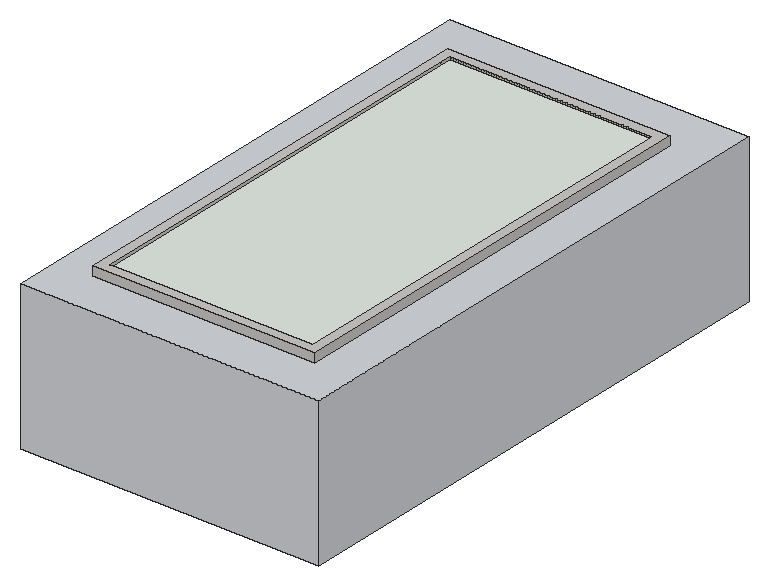
Revit family
Parameters
  Width [instance] = 18"
  Warranty Information = "Complete unit, excepting mirrors warranted for one year.\r\n Stainless steel mirror frames for fifteen years.\r\n Plate glass mirrors for fifteen years.\r\n This warranty does not cover installation or any other labor charges and does not apply to any units,\r\n which have been damaged by accident, abuse, improper installation, improper maintenance, or altered in any way."
  Version = "1.0"
  URL = "http://www.bradleycorp.com/"
  Type Comments = "ERROR - If you are able to see this message you haven't loaded this  family correctly."
  Total Width [instance] = if(and(not(Width > 120"), not(Width < 12")), Width, 24")  # 18"
  Total Height [instance] = if(and(not(Height > 72"), not(Height < 12")), Height, 36")  # 36"
  Reflective Material = Glass - Bradley Corp - BradEX - Polished Float Mirror
  OmniClass Title = "Mirrors"
  OmniClass Code = "23.40.95.17.17"
  Modeling Code = ""
  Model = "ERROR - If you are able to see this message you haven't loaded this  family correctly."
  MasterFormat Title = "Commercial Toilet Accessories"
  MasterFormat Number = "10 28 13. 13"
  Manufacturer = "Bradley Corporation"
  Industry Standards = "ASTM C 1036"
  Height [instance] = 36"
  Fire Rating = "n/a"
  Dimensional Limits [instance] = "Either Width or Hight must be over 25\""
  Description = "ERROR - If you are able to see this message you haven't loaded this  family correctly."
  Depth [instance] = 3/4"
  Default Elevation = 40"
  Copyright = "This Model Data is Property of Bradley Corporation"
  Frame Material = Bradley Corp Stainless Steel - Satin
  Buy American Act = "Yes"
  Assembly Code = "C1030900"
  ADA Compliant = "Yes"
Reference planes (in)
  plane 1 "Center (Front/Back)": y = 0
  plane 2: z = 0
  plane 3 "Center (Left/Right)": x = 0
  plane 4 "Top": y = 18
  plane 5 "Right": x = 9
  plane 6 "Bottom": y = -18
  plane 7 "Left": x = -9
  plane 8 "Front": z = 0.75
  plane 9 "Center (Elevation)": y = -17.25
Forms (in)
  Extrusion 1, solid
    sketch origin (0, 0, 0) x (1, 0, 0) y (0, 1, 0)
      loop
        line (-12, 22) -> (-12, -21.59035) -> (12.183, -21.59035) -> (12.183, 22) -> (-12, 22)
    from 0 to -12
  Extrusion 2, solid, material "Bradley Corp Stainless Steel - Satin" <- "Frame Material"
    sketch origin (0, 0, 0) x (1, 0, 0) y (0, 1, 0)
      loop
        line (-9, 18) -> (-9, -18) -> (9, -18) -> (9, 18) -> (-9, 18)
    from 0 to 0.75 <- "Depth"
  Extrusion 3, void
    sketch origin (0, 0, 0.75) x (-1, 0, 0) y (0, -1, 0)
      loop
        line (8.25, -17.25) -> (8.25, 17.25) -> (-8.25, 17.25) -> (-8.25, -17.25) -> (8.25, -17.25)
    from 0 to -0.375
  Extrusion 4, solid, material "Glass - Bradley Corp - BradEX - Polished Float Mirror" <- "Reflective Material"
    sketch origin (0, 0, 0.75) x (-1, 0, 0) y (0, -1, 0)
      loop
        line (8.25, -17.25) -> (8.25, 17.25) -> (-8.25, 17.25) -> (-8.25, -17.25) -> (8.25, -17.25)
    from -0.375 to -0.1875
Cuts and joins
  Extrusion 3 cuts Extrusion 2
Dimensions and locks (in)
  "Total Height": plane 6 "Bottom" to plane 4 "Top"
  equal spacing: plane 6 "Bottom", plane 1 "Center (Front/Back)", plane 4 "Top"
  "Total Width": plane 7 "Left" to plane 5 "Right"
  equal spacing: plane 7 "Left", plane 3 "Center (Left/Right)", plane 5 "Right"
  "Depth": plane 8 "Front" to plane 2
  "Depth": Extrusion 3 sketch curve to plane 6 "Bottom"
  "Depth": Extrusion 3 sketch curve to plane 4 "Top"
  "Depth": Extrusion 3 sketch curve to plane 5 "Right"
  "Depth": plane 7 "Left" to Extrusion 3 sketch curve
  equal spacing: plane 8 "Front", Extrusion 3, plane 2, locked at 0.375 each
  "Depth": plane 7 "Left" to Extrusion 4 sketch curve
  "Depth": Extrusion 4 sketch curve to plane 5 "Right"
  "Depth": Extrusion 4 sketch curve to plane 4 "Top"
  "Depth": Extrusion 4 sketch curve to plane 6 "Bottom"
  "Depth": plane 6 "Bottom" to plane 9 "Center (Elevation)"
  locked: plane 8 "Front" to Extrusion 4 at 0.1875
  aligned and locked: plane 2 to Extrusion 1
  aligned and locked: level to Extrusion 1
  aligned and locked: plane 7 "Left" to Extrusion 2 sketch curve
  aligned and locked: Extrusion 2 sketch curve to plane 4 "Top"
  aligned and locked: plane 6 "Bottom" to Extrusion 2 sketch curve
  aligned and locked: Extrusion 2 sketch curve to plane 5 "Right"
  aligned and locked: Extrusion 2 to plane 2
  aligned and locked: plane 8 "Front" to Extrusion 2
  aligned and locked: Extrusion 3 to plane 8 "Front"
  aligned and locked: Extrusion 4 to cut or joined group of Extrusion 2, Extrusion 3
Automatic sketch dimensions
  Extrusion 1 sketch curve to Extrusion 1 sketch curve = 24.183"
  Extrusion 1 sketch curve to Extrusion 1 sketch curve = 43.59035"
